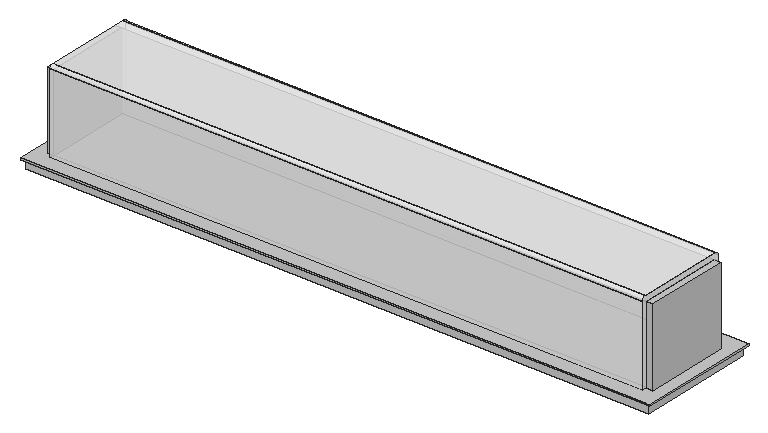
Revit family "2-5134-24 Fuse", category Lighting Fixtures, Revit 2014
Parameters
  Wattage = 9.2903 W
  built-in parameter 1150110 = 1 (stored number, unit not read)
  URL = "http://www.oxygenlighting.com"
  Type Comments = "Lighting - Fluorescent"
  built-in parameter 1114217 = 1 (stored number, unit not read)
  Tilt Angle = 60.00°
  built-in parameter 1150109 = 1 (stored number, unit not read)
  built-in parameter 1150134 = 3
  built-in parameter 1150113 = 1 (stored number, unit not read)
  Product Documentation Link = "http://oxygenlighting.com.s3.amazonaws.com/downloads/cutsheets/2-5134-24.pdf"
  Photometric Web File = "generic"
  built-in parameter 1150142 = (empty or 0)
  Model = "2-5134-24"
  Metal Finish = Satin Finish
  Manufacturer = "Oxygen Lighting"
  built-in parameter 1150105 = 109.82 (stored number, unit not read)
  Lumens = 1380 lm
  built-in parameter 1150115 = 1 (stored number, unit not read)
  built-in parameter 1150137 = (empty or 0)
  built-in parameter 1150139 = (empty or 0)
  built-in parameter 1150112 = 1 (stored number, unit not read)
  Lamp Manufacturer = "Sylvania"
  built-in parameter 1150114 = 1 (stored number, unit not read)
  Lamp = "2x17W T8 fluorescent"
  Junction Box = "4\" Octagonal"
  Input Voltage (Volts AC) = "120"
  Input Power Factor (%) = ""
  Input Power (Watts) = "34W"
  Input Current (Amps AC) = ""
  built-in parameter 1150132 = (empty or 0)
  built-in parameter 1150102 = (empty or 0)
  built-in parameter 1150107 = 3200 (stored number, unit not read)
  built-in parameter 1150138 = (empty or 0)
  built-in parameter 1150106 = 1.0982 (stored number, unit not read)
  Fixture Length = 2' - 2.4737"
  Fixture Height = 0' - 5 3/16"
  Fixture Depth = 0' - 3.935"
  Emit from Rectangle Width = 2' - 0"
  Emit from Rectangle Length = 4' - 0"
  Emit Shape Visible in Rendering = no
  Efficacy (lm/W) = ""
  built-in parameter 1150104 = 13.8 (stored number, unit not read)
  Dimming Lamp Color Temperature Shift = <None>
  Color Filter = 16777215
  Ballast Manufacturer = ""
  Diffuser = Matte White Acrylic
  Description = "26\" LED Vanity"
  Default Elevation = 4' - 0"
  built-in parameter 1114218 = 1 (stored number, unit not read)
  built-in parameter 1150133 = 10 (stored number, unit not read)
  Apparent Load = 34 VA
  ADA Compliant = yes
Reference planes (in)
  plane 1 "Light Source Axis (F/B)": y = 0
  plane 2: z = 0
  plane 3 "Light Source Axis (L/R)": x = 0.16017
  plane 4 "Light Source Elevation": z = 3.935
  plane 5: y = 2.59375
  plane 6: y = -2.59375
  plane 7: x = -13.07668
  plane 8: x = 13.39702
  plane 9: x = -12.57668
  plane 10: x = -12.30118
  plane 11: x = 12.89702
  plane 12: x = 12.62152
  plane 13: y = 2
  plane 14: y = -2
  plane 15: x = -12.95168
  plane 16: x = 13.27202
Forms (in)
  Extrusion 1, solid, material "Satin Finish" <- "Metal Finish"
    sketch origin (0.16017, 0, 0) x (0, 1, 0) y (0, 0, 1)
      loop
        line (2.46875, 0) -> (2.46875, 0.375) -> (-2.46875, 0.375) -> (-2.46875, 0) -> (2.46875, 0)
    from -13.11185 to 13.11185
  Extrusion 2, solid, material "Satin Finish" <- "Metal Finish"
    sketch origin (0.16017, 0, 0) x (0, 1, 0) y (0, 0, 1)
      loop
        line (2.59375, 0.435) -> (-2.59375, 0.435) -> (-2.59375, 0.375) -> (2.59375, 0.375) -> (2.59375, 0.435)
    from -13.23685 to 13.23685
  Extrusion 3, solid, material "Satin Finish" <- "Metal Finish"
    sketch origin (0.16017, 0, 0) x (0, 1, 0) y (0, 0, 1)
      loop
        line (1.78125, 3.685) -> (-1.78125, 3.685) -> (-1.78125, 0.435) -> (1.78125, 0.435) -> (1.78125, 3.685)
    from 12.46135 to 12.73685
  Extrusion 4, solid, material "Satin Finish" <- "Metal Finish"
    sketch origin (0.16017, 0, 0) x (0, 1, 0) y (0, 0, -1)
      loop
        line (1.78125, -3.685) -> (1.78125, -0.435) -> (-1.78125, -0.435) -> (-1.78125, -3.685) -> (1.78125, -3.685)
    from 12.46135 to 12.73685
  Extrusion 5, solid, material "Matte White Acrylic" <- "Diffuser"
    sketch origin (0.16017, 0, 0) x (0, 1, 0) y (0, 0, 1)
      loop
        arc (-1.85, 3.935) -> (-1.95607, 3.89107) -> (-2, 3.785) r 0.15
        line (-2, 3.785) -> (-2, 0.435) -> (-1.78125, 0.435) -> (-1.78125, 3.685) -> (1.78125, 3.685) -> (1.78125, 0.435) -> (2, 0.435) -> (2, 3.785)
        arc (2, 3.785) -> (1.95607, 3.89107) -> (1.85, 3.935) r 0.15
        line (1.85, 3.935) -> (-1.85, 3.935)
    from -12.46135 to 12.46135
  Extrusion 6, solid, material "Satin Finish" <- "Metal Finish", not visible
    sketch origin (0.16017, 0, 0) x (0, 1, 0) y (0, 0, 1)
      loop
        line (2.46875, 0) -> (2.46875, 0.375) -> (-2.46875, 0.375) -> (-2.46875, 0) -> (2.46875, 0)
    from -13.11185 to 13.11185
  Extrusion 7, solid, material "Satin Finish" <- "Metal Finish", not visible
    sketch origin (0.16017, 0, 0) x (0, 1, 0) y (0, 0, 1)
      loop
        line (2.59375, 0.435) -> (-2.59375, 0.435) -> (-2.59375, 0.375) -> (2.59375, 0.375) -> (2.59375, 0.435)
    from -13.23685 to 13.23685
  Extrusion 8, solid, material "Satin Finish" <- "Metal Finish", not visible
    sketch origin (0.16017, 0, 0) x (0, 1, 0) y (0, 0, 1)
      loop
        line (1.78125, 3.685) -> (-1.78125, 3.685) -> (-1.78125, 0.435) -> (1.78125, 0.435) -> (1.78125, 3.685)
    from 12.46135 to 12.73685
  Extrusion 9, solid, material "Satin Finish" <- "Metal Finish", not visible
    sketch origin (0.16017, 0, 0) x (0, 1, 0) y (0, 0, -1)
      loop
        line (1.78125, -3.685) -> (1.78125, -0.435) -> (-1.78125, -0.435) -> (-1.78125, -3.685) -> (1.78125, -3.685)
    from 12.46135 to 12.73685
  Extrusion 10, solid, material "Matte White Acrylic" <- "Diffuser", not visible
    sketch origin (0.16017, 0, 0) x (0, 1, 0) y (0, 0, 1)
      loop
        arc (-1.85, 3.935) -> (-1.95607, 3.89107) -> (-2, 3.785) r 0.15
        line (-2, 3.785) -> (-2, 0.435) -> (-1.78125, 0.435) -> (-1.78125, 3.685) -> (1.78125, 3.685) -> (1.78125, 0.435) -> (2, 0.435) -> (2, 3.785)
        arc (2, 3.785) -> (1.95607, 3.89107) -> (1.85, 3.935) r 0.15
        line (1.85, 3.935) -> (-1.85, 3.935)
    from -12.46135 to 12.46135
Dimensions and locks (in)
  "Fixture Height": plane 5 to plane 6
  "Fixture Length": plane 7 to plane 8
  "Fixture Depth": level to plane 4 "Light Source Elevation"
  aligned and locked: level to plane 2
Automatic sketch dimensions
  Extrusion 2 sketch curve to Extrusion 2 sketch curve = 0' - 0.06"
  Extrusion 3 sketch curve to Extrusion 3 sketch curve = 0' - 3 1/4"
  Extrusion 5 sketch curve to Extrusion 5 sketch curve = 0' - 0.15"  (x2)
  Extrusion 5 sketch curve to Extrusion 5 sketch curve = 0' - 0.06875"  (x2)
  Extrusion 5 sketch curve to Extrusion 5 sketch curve = 0' - 3 1/4"
  Extrusion 5 sketch curve to Extrusion 5 sketch curve = 0' - 0.1"
  Extrusion 1 sketch curve to Extrusion 1 sketch curve = 0' - 4 15/16"
  Extrusion 1 sketch curve to Extrusion 1 sketch curve = 0' - 0 3/8"
  Extrusion 2 sketch curve to Extrusion 2 sketch curve = 0' - 5 3/16"
  Extrusion 3 sketch curve to Extrusion 3 sketch curve = 0' - 3 9/16"
  Extrusion 4 sketch curve to Extrusion 4 sketch curve = 0' - 3 9/16"
  Extrusion 4 sketch curve to Extrusion 4 sketch curve = 0' - 3 1/4"
  Extrusion 5 sketch curve to Extrusion 5 sketch curve = 0' - 3 9/16"
  Extrusion 5 sketch curve to Extrusion 5 sketch curve = 0' - 0"
  Extrusion 7 sketch curve to Extrusion 7 sketch curve = 0' - 0.06"
  Extrusion 8 sketch curve to Extrusion 8 sketch curve = 0' - 3 1/4"
  Extrusion 10 sketch curve to Extrusion 10 sketch curve = 0' - 0.15"  (x2)
  Extrusion 10 sketch curve to Extrusion 10 sketch curve = 0' - 0.06875"  (x2)
  Extrusion 10 sketch curve to Extrusion 10 sketch curve = 0' - 3 1/4"
  Extrusion 10 sketch curve to Extrusion 10 sketch curve = 0' - 0.1"
  Extrusion 6 sketch curve to Extrusion 6 sketch curve = 0' - 4 15/16"
  Extrusion 6 sketch curve to Extrusion 6 sketch curve = 0' - 0 3/8"
  Extrusion 7 sketch curve to Extrusion 7 sketch curve = 0' - 5 3/16"
  Extrusion 8 sketch curve to Extrusion 8 sketch curve = 0' - 3 9/16"
  Extrusion 9 sketch curve to Extrusion 9 sketch curve = 0' - 3 9/16"
  Extrusion 9 sketch curve to Extrusion 9 sketch curve = 0' - 3 1/4"
  Extrusion 10 sketch curve to Extrusion 10 sketch curve = 0' - 3 9/16"
  Extrusion 10 sketch curve to Extrusion 10 sketch curve = 0' - 0"
